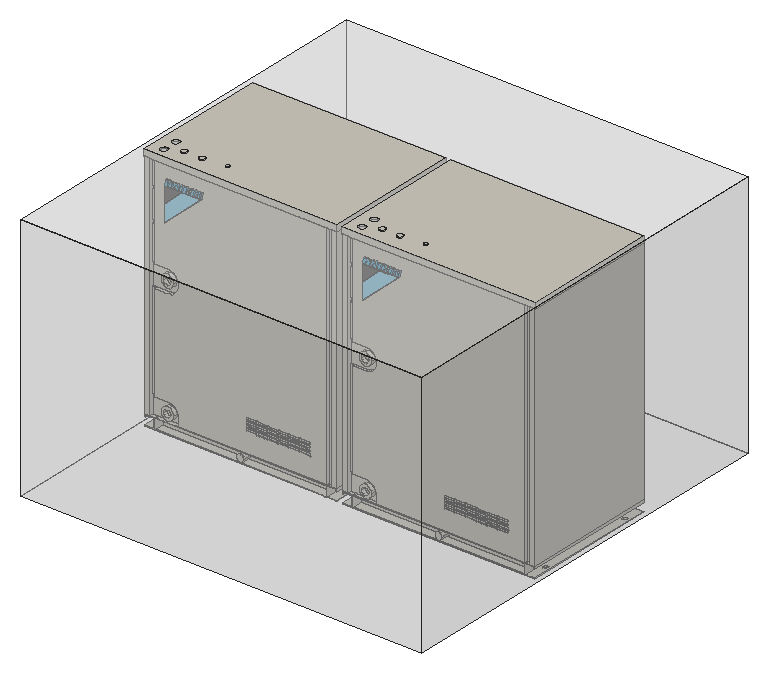
Revit family "outputfile", category 機械設備, Revit 2024 (continued)
Definition of nested family "DAIKIN_outdoorunit_RWEYQ-TYM"
  Definition of nested family "outdoorunit_downpanel"
    Reference planes
      plane 1 "Center (Front/Back)": y = 0
      plane 2 "Bottom": z = 0
      plane 3: x = 0
      plane 4 "Back": y = 10
      plane 5 "Front": y = -10
      plane 6: x = 736
      plane 7 "Top": z = 510
      plane 8 "Left": x = 0
      plane 9: z = 255
      plane 10: y = -18
      plane 11: y = 6
      plane 12: y = 8
      plane 13: x = 368
    Forms (mm)
      Extrusion 1, solid, material <- "material"
        sketch origin (0, 0, 0) x (1, 0, 0) y (0, 1, 0)
          loop
            line (0, 10) -> (0, -10) -> (736, -10) -> (736, 10) -> (0, 10)
        from 0 to 510
    Dimensions and locks
      equal spacing: plane 4 "Back", plane 1 "Center (Front/Back)", plane 5 "Front"
      "depth": plane 4 "Back" to plane 5 "Front"
      "width": plane 8 "Left" to plane 6
      "height1": plane 7 "Top" to plane 2 "Bottom"
      plane 4 "Back" to plane 11 = 4.0 mm
      plane 4 "Back" to plane 12 = 2.0 mm
      equal spacing: plane 8 "Left", plane 13, plane 6
      equal spacing: plane 7 "Top", plane 9, plane 2 "Bottom"
      aligned and locked: level to plane 2 "Bottom"
      aligned and locked: plane 8 "Left" to Extrusion 1 sketch curve
      aligned and locked: Extrusion 1 sketch curve to plane 4 "Back"
      aligned and locked: plane 5 "Front" to Extrusion 1 sketch curve
      aligned and locked: Extrusion 1 to plane 2 "Bottom"
      aligned and locked: plane 7 "Top" to Extrusion 1
      aligned and locked: plane 3 to plane 8 "Left"
    Automatic sketch dimensions
      Extrusion 1 sketch curve to plane 6 = 0.0 mm
  Definition of nested family "daikin_mountinghole"
    Parameters (values of type "daikin_mountinghole")
      Default Elevation = 1219.2 mm
      Type Comments = "mountinghole"
      show [instance] = yes
      material = none
      l_centerline = 100.0 mm
      l_antenna [instance] = 100.0 mm
      h_mountinghole [instance] = 0.0 mm
      d_circle = 30.0 mm
      Link_Nested Family [instance] = ""
    Reference planes
      plane 1 "Center (Front/Back)": y = 0
      plane 2: z = 0
      plane 3 "Center (Left/Right)": x = 0
      plane 4: y = 50
      plane 5: x = -50
      plane 6: x = 50
      plane 7: y = -50
      plane 8 "h_mountinghole": z = 0
      plane 9: z = 100
    Lines and regions (mm)
      model lines, detail levels fine
        curve 1: circle (0, 0, 0) r 15 normal (0, 0, 1)
        curve 2: line (-50, 0, 0) -> (50, 0, 0)
        curve 3: line (0, 50, 0) -> (0, -50, 0)
      symbolic lines, detail levels fine
        curve 4: circle (0, 0, 0) r 15 normal (0, 0, 1)
        curve 5: line (-50, 0, 0) -> (50, 0, 0)
        curve 6: line (0, 50, 0) -> (0, -50, 0)
      model lines
        curve 7: line (0, 0, 100) -> (0, 0, 0)
    Dimensions and locks
      equal spacing: plane 4, plane 1 "Center (Front/Back)", plane 7
      "l_centerline": plane 4 to plane 7
      equal spacing: plane 5, plane 3 "Center (Left/Right)", plane 6
      "l_centerline": plane 5 to plane 6
      "l_antenna": plane 9 to plane 8 "h_mountinghole"
      "h_mountinghole": plane 8 "h_mountinghole" to plane 2
      "d_circle": diameter of curve 1
      "d_circle": diameter of curve 4
      aligned and locked: level to plane 2
      aligned and locked: plane 1 "Center (Front/Back)" to curve 1
      aligned and locked: plane 3 "Center (Left/Right)" to curve 1
      aligned and locked: plane 1 "Center (Front/Back)" to curve 2
      aligned and locked: curve 3 to plane 3 "Center (Left/Right)"
      aligned and locked: plane 6 to curve 2
      aligned and locked: plane 5 to curve 2
      aligned and locked: plane 4 to curve 3
      aligned and locked: plane 7 to curve 3
      aligned and locked: plane 1 "Center (Front/Back)" to curve 4
      aligned and locked: plane 3 "Center (Left/Right)" to curve 4
      aligned and locked: plane 6 to curve 5
      aligned and locked: plane 5 to curve 5
      aligned and locked: plane 1 "Center (Front/Back)" to curve 5
      aligned and locked: plane 4 to curve 6
      aligned and locked: plane 7 to curve 6
      aligned and locked: curve 6 to plane 3 "Center (Left/Right)"
      aligned and locked: curve 7 to plane 3 "Center (Left/Right)"
      aligned and locked: plane 9 to curve 7
      aligned and locked: plane 8 "h_mountinghole" to curve 7
Definition of nested family "daikin_clearancespace"
  Parameters (values of type "daikin_clearancespace")
    Description = "daikin_clearancespace"
    width [instance] = 1823.963 mm
    show [instance] = yes
    material = none
    height [instance] = 1359.762 mm
    depth [instance] = 880.0 mm
    Default Elevation = 0.0 mm
    Link_Nested Family [instance] = ""
  Reference planes
    plane 1 "Center (Front/Back)": y = 0
    plane 2 "Center (Elevation)": z = -0.119
    plane 3 "Center (Left/Right)": x = 0
    plane 4: y = 440
    plane 5: y = -440
    plane 6 "Right": x = 911.982
    plane 7 "Left": x = -911.982
    plane 8 "Top": z = 679.762
    plane 9 "Bottom": z = -680
  Forms (mm)
    Extrusion 1, solid, material <- "material", visible <- "show"
      sketch origin (0, 0, 0) x (1, 0, 0) y (0, 1, 0)
        loop
          line (-911.982, 440) -> (-911.982, -440) -> (911.982, -440) -> (911.982, 440) -> (-911.982, 440)
      from -680 to 679.762
  Lines and regions (mm)
    symbolic lines, visible <- "show"
      curve 1: line (911.982, 440, 0) -> (-911.982, 440, 0)
      curve 2: line (-911.982, 440, 0) -> (-911.982, -440, 0)
      curve 3: line (-911.982, -440, 0) -> (911.982, -440, 0)
      curve 4: line (911.982, -440, 0) -> (911.982, 440, 0)
      curve 5: line (911.982, 0, 679.762) -> (-911.982, 0, 679.762)
      curve 6: line (911.982, 0, -680) -> (911.982, 0, 679.762)
      curve 7: line (-911.982, 0, -680) -> (911.982, 0, -680)
      curve 8: line (-911.982, 0, 679.762) -> (-911.982, 0, -680)
      curve 9: line (0, 440, 679.762) -> (0, -440, 679.762)
      curve 10: line (0, -440, 679.762) -> (0, -440, -680)
      curve 11: line (0, 440, -680) -> (0, 440, 679.762)
      curve 12: line (0, -440, -680) -> (0, 440, -680)
  Dimensions and locks
    "width": plane 7 "Left" to plane 6 "Right"
    "depth": plane 4 to plane 5
    "height": plane 8 "Top" to plane 9 "Bottom"
    equal spacing: plane 7 "Left", plane 3 "Center (Left/Right)", plane 6 "Right"
    equal spacing: plane 4, plane 1 "Center (Front/Back)", plane 5
    equal spacing: plane 8 "Top", plane 2 "Center (Elevation)", plane 9 "Bottom"
    aligned and locked: level to plane 2 "Center (Elevation)"
    aligned and locked: Extrusion 1 sketch curve to plane 4
    aligned and locked: plane 7 "Left" to Extrusion 1 sketch curve
    aligned and locked: Extrusion 1 sketch curve to plane 5
    aligned and locked: Extrusion 1 sketch curve to plane 6 "Right"
    aligned and locked: plane 8 "Top" to Extrusion 1
    aligned and locked: curve 1 to Extrusion 1
    aligned and locked: curve 2 to Extrusion 1
    aligned and locked: curve 3 to Extrusion 1
    aligned and locked: curve 4 to Extrusion 1
    aligned and locked: curve 5 to Extrusion 1
    aligned and locked: curve 6 to Extrusion 1
    aligned and locked: curve 7 to Extrusion 1
    aligned and locked: curve 8 to Extrusion 1
    aligned and locked: curve 9 to Extrusion 1
    aligned and locked: curve 10 to Extrusion 1
    aligned and locked: curve 11 to Extrusion 1
    aligned and locked: curve 12 to Extrusion 1
    aligned and locked: Extrusion 1 to plane 9 "Bottom"
Definition of nested family "daikin_logo_elevation_w150"
  Parameters (values of type "daikin_logo_elevation_w150")
    width = 150.0 mm
    show_logo [instance] = yes
    material = none
    height = 180.0 mm
    depth = 5.0 mm
    Default Elevation = 0.0 mm
  Reference planes
    plane 1 "Center (Front/Back)": y = 0
    plane 2: z = 0
    plane 3 "Center (Left/Right)": x = 0
    plane 4 "top": z = 180
    plane 5: z = 155.432
    plane 6 "left": x = -90
    plane 7 "right": x = 60
    plane 8: y = -5
  Forms (mm)
    Extrusion 1, solid, visible <- "show_logo"
      sketch origin (0, 0, 0) x (1, 0, 0) y (0, 0, 1)
        loop
          line (-90, 22.832) -> (54.211, 155.432) -> (-19.804, 155.432) -> (-90, 91.131) -> (-90, 22.832)
      from 0 to 5
    Extrusion 2, solid, visible <- "show_logo"
      sketch origin (0, 0, 0) x (1, 0, 0) y (0, 0, 1)
        loop
          line (-90, 155.432) -> (-90, 91.131) -> (-19.804, 155.432) -> (-90, 155.432)
      from 0 to 5
    Extrusion 3, solid, visible <- "show_logo"
      sketch origin (0, 0, 0) x (1, 0, 0) y (0, 0, 1)
        loop
          line (-73.294, 180) -> (-84.431, 180) -> (-90, 157.726) -> (-73.294, 157.726)
          arc (-73.294, 157.726) -> (-66.673, 159.069) -> (-61.582, 163.51) r 13.209
          arc (-61.582, 163.51) -> (-59.344, 169.288) -> (-60.109, 175.436) r 12.685
          arc (-60.109, 175.436) -> (-61.683, 177.678) -> (-64.031, 179.088) r 6.606
          arc (-64.031, 179.088) -> (-68.629, 179.878) -> (-73.294, 180) r 32.396
        loop
          line (-78.863, 162.18) -> (-74.408, 162.18)
          arc (-74.408, 162.18) -> (-70.986, 164.473) -> (-69.002, 168.082) r 8.708
          arc (-69.002, 168.082) -> (-68.734, 170.84) -> (-69.386, 173.533) r 8.337
          arc (-69.386, 173.533) -> (-70.358, 174.487) -> (-71.624, 174.988) r 3.442
          line (-71.624, 174.988) -> (-76.078, 174.988) -> (-78.863, 162.18)
        loop
          line (-61.043, 157.726) -> (-54.918, 157.726) -> (-52.829, 161.624) -> (-44.059, 161.624) -> (-43.223, 157.726) -> (-33.2, 157.726) -> (-37.655, 180) -> (-48.792, 180) -> (-61.043, 157.726)
        loop
          line (-50.145, 166.635) -> (-45.133, 166.635) -> (-46.565, 173.318) -> (-50.145, 166.635)
        loop
          line (-24.847, 180) -> (-30.416, 157.726) -> (-20.949, 157.726) -> (-15.38, 180) -> (-24.847, 180)
        loop
          line (-15.38, 157.726) -> (-5.914, 157.726) -> (-4.4, 163.779) -> (0.212, 157.726) -> (11.906, 157.726) -> (2.996, 169.42) -> (15.804, 180) -> (5.78, 180) -> (-1.94, 173.623) -> (-0.345, 180) -> (-9.812, 180) -> (-15.38, 157.726)
        loop
          line (20.259, 180) -> (14.133, 157.726) -> (24.157, 157.726) -> (29.725, 180) -> (20.259, 180)
        loop
          line (29.725, 157.726) -> (36.408, 157.726) -> (39.555, 170.315) -> (43.647, 157.726) -> (54.784, 157.726) -> (60.353, 180) -> (53.671, 180) -> (50.281, 166.442) -> (45.874, 180) -> (35.294, 180) -> (29.725, 157.726)
      from 0 to 5
  Dimensions and locks
    "height": plane 4 "top" to plane 2
    locked: plane 4 "top" to plane 5 at 24.568
    "width": plane 6 "left" to plane 7 "right"
    "depth": plane 8 to plane 1 "Center (Front/Back)"
    aligned and locked: level to plane 2
    aligned and locked: plane 4 "top" to Extrusion 3  (x8)
    aligned and locked: plane 5 to Extrusion 1
    aligned and locked: plane 5 to Extrusion 2
    aligned and locked: plane 6 "left" to Extrusion 2
    aligned and locked: plane 6 "left" to Extrusion 1
    aligned and locked: Extrusion 3 to plane 8
    aligned and locked: Extrusion 1 to plane 8
    aligned and locked: Extrusion 2 to plane 8
  Automatic sketch dimensions
    level to Extrusion 1 sketch curve = 22.832 mm
    Extrusion 1 sketch curve to Extrusion 1 sketch curve = 68.298 mm
    Extrusion 1 sketch curve to plane 4 "top" = 24.568 mm
    Extrusion 1 sketch curve to plane 3 "Center (Left/Right)" = 19.804 mm
    Extrusion 2 sketch curve to plane 4 "top" = 24.568 mm
    Extrusion 2 sketch curve to plane 3 "Center (Left/Right)" = 19.804 mm
    Extrusion 2 sketch curve to Extrusion 2 sketch curve = 64.302 mm
    Extrusion 3 sketch curve to plane 4 "top" = 0.0 mm  (x8)
    Extrusion 3 sketch curve to plane 4 "top" = 0.912 mm
    Extrusion 3 sketch curve to Extrusion 3 sketch curve = 2.154 mm
    Extrusion 3 sketch curve to Extrusion 3 sketch curve = 6.245 mm
    Extrusion 3 sketch curve to plane 4 "top" = 4.564 mm
    Extrusion 3 sketch curve to Extrusion 3 sketch curve = 5.748 mm
    Extrusion 3 sketch curve to Extrusion 3 sketch curve = 2.001 mm
    Extrusion 3 sketch curve to Extrusion 3 sketch curve = 4.603 mm
    Extrusion 3 sketch curve to Extrusion 3 sketch curve = 0.59 mm
    Extrusion 3 sketch curve to Extrusion 3 sketch curve = 0.07 mm
    Extrusion 3 sketch curve to Extrusion 3 sketch curve = 1.49 mm
    Extrusion 3 sketch curve to plane 4 "top" = 5.012 mm
    Extrusion 3 sketch curve to Extrusion 3 sketch curve = 3.556 mm
    Extrusion 3 sketch curve to Extrusion 3 sketch curve = 5.569 mm  (x3)
    Extrusion 3 sketch curve to Extrusion 3 sketch curve = 0.309 mm
    Extrusion 3 sketch curve to Extrusion 3 sketch curve = 4.455 mm  (x4)
    Extrusion 3 sketch curve to Extrusion 3 sketch curve = 0.288 mm
    Extrusion 3 sketch curve to Extrusion 3 sketch curve = 0.689 mm
    Extrusion 3 sketch curve to Extrusion 3 sketch curve = 2.238 mm
    Extrusion 3 sketch curve to Extrusion 3 sketch curve = 4.528 mm
    Extrusion 3 sketch curve to Extrusion 3 sketch curve = 0.658 mm
    Extrusion 3 sketch curve to Extrusion 3 sketch curve = 2.931 mm
    Extrusion 3 sketch curve to Extrusion 3 sketch curve = 0.357 mm
    Extrusion 3 sketch curve to Extrusion 3 sketch curve = 0.101 mm
    Extrusion 3 sketch curve to Extrusion 3 sketch curve = 11.317 mm
    Extrusion 3 sketch curve to Extrusion 3 sketch curve = 0.539 mm
    Extrusion 3 sketch curve to Extrusion 3 sketch curve = 11.137 mm  (x2)
    Extrusion 3 sketch curve to Extrusion 3 sketch curve = 5.784 mm
    Extrusion 3 sketch curve to Extrusion 3 sketch curve = 10.024 mm  (x3)
    Extrusion 3 sketch curve to Extrusion 3 sketch curve = 0.835 mm
    Extrusion 3 sketch curve to Extrusion 3 sketch curve = 8.771 mm
    Extrusion 3 sketch curve to Extrusion 3 sketch curve = 2.088 mm
    Extrusion 3 sketch curve to Extrusion 3 sketch curve = 3.898 mm
    Extrusion 3 sketch curve to plane 4 "top" = 6.682 mm
    Extrusion 3 sketch curve to Extrusion 3 sketch curve = 2.227 mm  (x2)
    Extrusion 3 sketch curve to Extrusion 3 sketch curve = 2.685 mm
    Extrusion 3 sketch curve to plane 4 "top" = 13.365 mm
    Extrusion 3 sketch curve to Extrusion 3 sketch curve = 5.012 mm
    Extrusion 3 sketch curve to Extrusion 3 sketch curve = 12.808 mm
    Extrusion 3 sketch curve to Extrusion 3 sketch curve = 2.784 mm
    Extrusion 3 sketch curve to Extrusion 3 sketch curve = 9.467 mm  (x4)
    Extrusion 3 sketch curve to Extrusion 3 sketch curve = 0.0 mm  (x5)
    Extrusion 3 sketch curve to Extrusion 3 sketch curve = 5.568 mm  (x2)
    Extrusion 3 sketch curve to plane 3 "Center (Left/Right)" = 0.345 mm
    Extrusion 3 sketch curve to plane 3 "Center (Left/Right)" = 1.94 mm
    Extrusion 3 sketch curve to plane 4 "top" = 6.377 mm
    plane 3 "Center (Left/Right)" to Extrusion 3 sketch curve = 5.78 mm
    plane 3 "Center (Left/Right)" to Extrusion 3 sketch curve = 2.996 mm
    Extrusion 3 sketch curve to Extrusion 3 sketch curve = 4.203 mm
    plane 3 "Center (Left/Right)" to Extrusion 3 sketch curve = 11.906 mm
    Extrusion 3 sketch curve to Extrusion 3 sketch curve = 11.694 mm
    plane 3 "Center (Left/Right)" to Extrusion 3 sketch curve = 0.212 mm
    Extrusion 3 sketch curve to plane 3 "Center (Left/Right)" = 4.4 mm
    Extrusion 3 sketch curve to Extrusion 3 sketch curve = 6.053 mm
    Extrusion 3 sketch curve to plane 3 "Center (Left/Right)" = 5.914 mm
    Extrusion 3 sketch curve to Extrusion 3 sketch curve = 10.581 mm
    Extrusion 3 sketch curve to plane 4 "top" = 13.558 mm
    Extrusion 3 sketch curve to Extrusion 3 sketch curve = 4.406 mm
    Extrusion 3 sketch curve to Extrusion 3 sketch curve = 7.796 mm
    Extrusion 3 sketch curve to Extrusion 3 sketch curve = 6.682 mm  (x2)
    Extrusion 3 sketch curve to Extrusion 3 sketch curve = 4.503 mm
    Extrusion 3 sketch curve to Extrusion 3 sketch curve = 8.716 mm
    Extrusion 3 sketch curve to Extrusion 3 sketch curve = 6.634 mm
    Extrusion 3 sketch curve to plane 4 "top" = 9.685 mm
    Extrusion 3 sketch curve to Extrusion 3 sketch curve = 4.261 mm
    Extrusion 3 sketch curve to Extrusion 3 sketch curve = 1.67 mm
    Extrusion 3 sketch curve to Extrusion 3 sketch curve = 8.353 mm
    Extrusion 1 sketch curve to plane 3 "Center (Left/Right)" = 90.0 mm
    Extrusion 2 sketch curve to Extrusion 2 sketch curve = 70.196 mm
    plane 3 "Center (Left/Right)" to Extrusion 1 sketch curve = 54.211 mm
Definition of nested family "daikin_mountinghole"
  Parameters (values of type "daikin_mountinghole")
    Default Elevation = 1219.2 mm
    Type Comments = "mountinghole"
    show [instance] = yes
    material = none
    l_centerline = 100.0 mm
    l_antenna [instance] = 100.0 mm
    h_mountinghole [instance] = 0.0 mm
    d_circle = 30.0 mm
    Link_Nested Family [instance] = ""
  Reference planes
    plane 1 "Center (Front/Back)": y = 0
    plane 2: z = 0
    plane 3 "Center (Left/Right)": x = 0
    plane 4: y = 50
    plane 5: x = -50
    plane 6: x = 50
    plane 7: y = -50
    plane 8 "h_mountinghole": z = 0
    plane 9: z = 100
  Lines and regions (mm)
    model lines, detail levels fine
      curve 1: circle (0, 0, 0) r 15 normal (0, 0, 1)
      curve 2: line (-50, 0, 0) -> (50, 0, 0)
      curve 3: line (0, 50, 0) -> (0, -50, 0)
    symbolic lines, detail levels fine
      curve 4: circle (0, 0, 0) r 15 normal (0, 0, 1)
      curve 5: line (-50, 0, 0) -> (50, 0, 0)
      curve 6: line (0, 50, 0) -> (0, -50, 0)
    model lines
      curve 7: line (0, 0, 100) -> (0, 0, 0)
  Dimensions and locks
    equal spacing: plane 4, plane 1 "Center (Front/Back)", plane 7
    "l_centerline": plane 4 to plane 7
    equal spacing: plane 5, plane 3 "Center (Left/Right)", plane 6
    "l_centerline": plane 5 to plane 6
    "l_antenna": plane 9 to plane 8 "h_mountinghole"
    "h_mountinghole": plane 8 "h_mountinghole" to plane 2
    "d_circle": diameter of curve 1
    "d_circle": diameter of curve 4
    aligned and locked: level to plane 2
    aligned and locked: plane 1 "Center (Front/Back)" to curve 1
    aligned and locked: plane 3 "Center (Left/Right)" to curve 1
    aligned and locked: plane 1 "Center (Front/Back)" to curve 2
    aligned and locked: curve 3 to plane 3 "Center (Left/Right)"
    aligned and locked: plane 6 to curve 2
    aligned and locked: plane 5 to curve 2
    aligned and locked: plane 4 to curve 3
    aligned and locked: plane 7 to curve 3
    aligned and locked: plane 1 "Center (Front/Back)" to curve 4
    aligned and locked: plane 3 "Center (Left/Right)" to curve 4
    aligned and locked: plane 6 to curve 5
    aligned and locked: plane 5 to curve 5
    aligned and locked: plane 1 "Center (Front/Back)" to curve 5
    aligned and locked: plane 4 to curve 6
    aligned and locked: plane 7 to curve 6
    aligned and locked: curve 6 to plane 3 "Center (Left/Right)"
    aligned and locked: curve 7 to plane 3 "Center (Left/Right)"
    aligned and locked: plane 9 to curve 7
    aligned and locked: plane 8 "h_mountinghole" to curve 7
Definition of nested family "daikin_connector_rotate3"
  Parameters (values of type "daikin_connector_rotate3")
    show [instance] = yes
    radius [instance] = 10.0 mm
    length [instance] = 600.0 mm
    angle_horizontal [instance] = 60.00°
    angle_vertical [instance] = 90.00°
    Default Elevation = 0.0 mm
  Reference planes
    plane 1 "Center (Front/Back)": y = 0
    plane 2: z = 0
    plane 3 "Center (Left/Right)": x = 0
  Dimensions and locks
    "angle_horizontal": angle plane 3 "Center (Left/Right)" to nested 1
    aligned and locked: level to plane 2
    aligned and locked: plane 1 "Center (Front/Back)" to nested 1  (x2)
    aligned and locked: plane 3 "Center (Left/Right)" to nested 1
  Nested families
    nested 1: "daikin_connector_rotate2" at (0, 0, 0) x (0.5, 0.866, 0) z (0, 0, 1), angle_vertical <- "angle_vertical", length <- "length", radius <- "radius", type "daikin_connector_rotate2"
      with radius 10.0 mm, length 600.0 mm, angle_vertical 90.00°
  Definition of nested family "daikin_connector_rotate2"
    Parameters (values of type "daikin_connector_rotate2")
      show_face = yes
      radius [instance] = 10.0 mm
      length [instance] = 600.0 mm
      d_surface = 10.0 mm
      angle_vertical [instance] = 90.00°
      Default Elevation = 0.0 mm
    Reference planes
      plane 1 "Center (Front/Back)": y = 0
      plane 2: z = 0
      plane 3 "Center (Left/Right)": x = 0
    Forms (mm)
      Extrusion 1, solid, visible <- "show_face"
        sketch origin (0, -600, 0) x (1, 0, 0) y (0, 0, 1)
          loop
            circle (0, 0) r 10
        from 0 to -10
    Lines and regions (mm)
      reference lines
        curve 1: line (0, 0, 0) -> (0, -600, 0)
      symbolic lines
        curve 2: circle (0, 0, 0) r 5 normal (0, 0, 1)
      model lines, visible <- "show_face"
        curve 3: line (0, 0, 0) -> (0, -600, 0)
    Dimensions and locks
      "length": curve 1 to curve 1
      "length": curve 3 to curve 3
      "d_surface": Extrusion 1 to Extrusion 1
      "radius": radius of Extrusion 1 sketch curve
      "angle_vertical": angle curve 1 to plane 1 "Center (Front/Back)"
      "angle_vertical": angle curve 3 to plane 1 "Center (Front/Back)"
      aligned and locked: level to plane 2
      aligned and locked: plane 1 "Center (Front/Back)" to curve 1
      aligned and locked: plane 2 to curve 1
      aligned and locked: plane 1 "Center (Front/Back)" to curve 2
      aligned and locked: plane 3 "Center (Left/Right)" to curve 2
      aligned and locked: plane 1 "Center (Front/Back)" to curve 3
      aligned and locked: plane 2 to curve 3
      aligned and locked: Extrusion 1 to Extrusion 1
    Automatic sketch dimensions
      Extrusion 1 sketch curve to level = 0.0 mm
      Extrusion 1 sketch curve to plane 3 "Center (Left/Right)" = 0.0 mm
      radius of curve 2 = 5.0 mm
